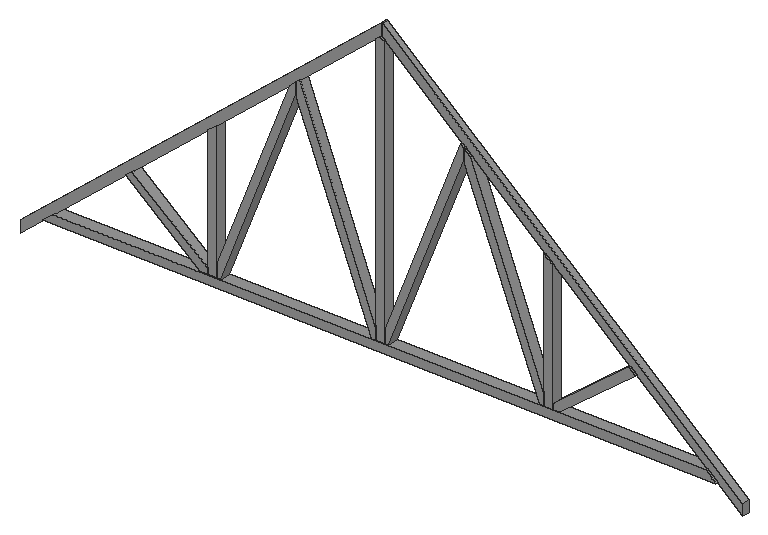
Revit family "TripleFanTruss", category Structural Framing, Revit 2020
Family settings
  Section Shape = Not Defined
  Material for Model Behavior = Wood
  Always export as geometry = No
  OmniClass Number = 23.25.30.21.14
  OmniClass Title = Trussed Beams and Joists
  Work Plane-Based = No
  Always vertical = Yes
  Cut with Voids When Loaded = No
  Symbolic Representation = From Family
  Shared = No
  Show family pre-cut in plan views = Yes
Parameters
  WebWidth [instance] = 120 mm
  WebDepth [instance] = 100 mm
  T_Volume [instance] = 0.00 m³
  TopWidth [instance] = 80 mm
  Structural Material [instance] = Poche
  SpanRight [instance] = 4000 mm
  SpanLeft [instance] = 4000 mm
  Span [instance] = SpanLeft + SpanRight  # 8000 mm
  SlopeRight [instance] = 40.00°
  SlopeLeft [instance] = 40.00°
  OverhangRight [instance] = 300 mm
  OverhangLeft [instance] = 300 mm
  TopDepth [instance] = 100 mm
  BottomWidth [instance] = 150 mm
  BottomDepth [instance] = 100 mm
Reference planes
  plane 1 "Center (Front/Back)": y = 0
  plane 2: z = 0
  plane 3 "Center (Left/Right)": x = 0
  plane 4: x = -4000
  plane 5: x = 4000
  plane 6: x = 4300
  plane 7: x = -4300
  plane 8: z = 100
  plane 9: x = 50
  plane 10: x = -50
  plane 11: x = -1000
  plane 12: x = -3000
  plane 13: x = -2000
  plane 14: x = 1000
  plane 15: x = 3000
  plane 16: x = 2000
  plane 17: x = -1950
  plane 18: x = -2050
  plane 19: x = 2050
  plane 20: x = 1950
Forms (mm)
  Extrusion 1, solid, material "Cherry"
    sketch origin (0, 0, 0) x (1, 0, 0) y (0, 0, 1)
      loop
        line (50, 236.699) -> (50, 100) -> (103.723, 100) -> (1000, 2380.6) -> (1000, 2517.299) -> (959.6, 2551.199) -> (50, 236.699)
    from -60 to 60
  Extrusion 2, solid, material "Cherry"
    sketch origin (0, 0, 0) x (1, 0, 0) y (0, 0, 1)
      loop
        line (-103.723, 100) -> (-50, 100) -> (-50, 236.699) -> (-959.6, 2551.199) -> (-1000, 2517.299) -> (-1000, 2380.6) -> (-103.723, 100)
    from -60 to 60
  Extrusion 3, solid, material "Cherry"
    sketch origin (0, 0, 0) x (1, 0, 0) y (0, 0, 1)
      loop
        line (1896.277, 100) -> (1950, 100) -> (1950, 236.699) -> (1080.155, 2450.041) -> (1000, 2517.299) -> (1000, 2380.6) -> (1896.277, 100)
    from -60 to 60
  Extrusion 4, solid, material "Cherry"
    sketch origin (0, 0, 0) x (1, 0, 0) y (0, 0, 1)
      loop
        line (-1950, 236.699) -> (-1950, 100) -> (-1896.277, 100) -> (-1000, 2380.6) -> (-1000, 2517.299) -> (-1080.155, 2450.041) -> (-1950, 236.699)
    from -60 to 60
  Extrusion 5, solid, material "Cherry"
    sketch origin (0, 0, 0) x (1, 0, 0) y (0, 0, 1)
      loop
        line (-2130.378, 100) -> (-2050, 100) -> (-2050, 163.859) -> (-2951.321, 879.946) -> (-3029.504, 814.343) -> (-2130.378, 100)
    from -60 to 60
  Extrusion 6, solid, material "Cherry"
    sketch origin (0, 0, 0) x (1, 0, 0) y (0, 0, 1)
      loop
        line (2050, 163.35) -> (2050, 100) -> (2131.427, 100) -> (3039.175, 806.228) -> (2960.825, 871.971) -> (2050, 163.35)
    from -60 to 60
  Extrusion 7, solid, material "Cherry"
    sketch origin (0, 0, 0) x (1, 0, 0) y (0, 0, 1)
      loop
        line (1950, 1720.154) -> (1950, 100) -> (2050, 100) -> (2050, 1636.244) -> (1950, 1720.154)
    from -60 to 60
  Extrusion 8, solid, material "Cherry"
    sketch origin (0, 0, 0) x (1, 0, 0) y (0, 0, 1)
      loop
        line (-2050, 1636.244) -> (-2050, 100) -> (-1950, 100) -> (-1950, 1720.154) -> (-2050, 1636.244)
    from -60 to 60
  Extrusion 9, solid, material "Cherry"
    sketch origin (0, 0, 0) x (1, 0, 0) y (0, 0, 1)
      loop
        line (-50, 3314.444) -> (-50, 100) -> (50, 100) -> (50, 3314.444) -> (0, 3356.399) -> (-50, 3314.444)
    from -60 to 60
  Extrusion 10, solid, material "Cherry"
    sketch origin (0, 0, 0) x (1, 0, 0) y (0, 0, 1)
      loop
        line (4000, 0) -> (3880.825, 100) -> (-3880.825, 100) -> (-4000, 0) -> (4000, 0)
    from -75 to 75
  Extrusion 11, solid, material "Cherry"
    sketch origin (0, 0, 0) x (1, 0, 0) y (0, 0, 1)
      loop
        line (4300, -251.73) -> (4300, -121.189) -> (0, 3486.939) -> (0, 3356.399) -> (4300, -251.73)
    from -40 to 40
  Extrusion 12, solid, material "Cherry"
    sketch origin (0, 0, 0) x (1, 0, 0) y (0, 0, 1)
      loop
        line (-4300, -251.73) -> (0, 3356.399) -> (0, 3486.939) -> (-4300, -121.189) -> (-4300, -251.73)
    from -40 to 40
Lines and regions (mm)
  reference lines
    curve 1: line (4000, 0, 0) -> (0, 0, 3356.399)
    curve 2: line (-4000, 0, 0) -> (0, 0, 3356.399)
    curve 3: line (4001.738, 0, 129.083) -> (-8.024, 0, 3493.672)
    curve 4: line (-3996.012, 0, 133.887) -> (-84.65, 0, 3415.91)
    curve 5: line (0, 40, 1939.254) -> (0, 40, -520.746)
    curve 6: line (0, -40, 1939.254) -> (0, -40, -520.746)
    curve 7: line (0, -60, 1939.254) -> (0, -60, -520.746)
    curve 8: line (0, -75, 1939.254) -> (0, -75, -520.746)
    curve 9: line (0, 60, 1939.254) -> (0, 60, -520.746)
    curve 10: line (0, 75, 1939.254) -> (0, 75, -520.746)
    curve 11: line (-2050, 0, 100) -> (-2990.412, 0, 847.145)
    curve 12: line (-1950, 0, 100) -> (-1000, 0, 2517.299)
    curve 13: line (-50, 0, 100) -> (-1000, 0, 2517.299)
    curve 14: line (50, 0, 100) -> (1000, 0, 2517.299)
    curve 15: line (1950, 0, 100) -> (1000, 0, 2517.299)
    curve 16: line (1910.156, 0, 64.685) -> (906.443, 0, 2618.658)
    curve 17: line (1999.352, 0, 111.122) -> (1093.557, 0, 2415.94)
    curve 18: line (6.443, 0, 125.867) -> (906.443, 0, 2415.94)
    curve 19: line (89.844, 0, 64.685) -> (1093.557, 0, 2618.658)
    curve 20: line (-6.443, 0, 125.867) -> (-906.443, 0, 2415.94)
    curve 21: line (-89.844, 0, 64.685) -> (-1093.557, 0, 2618.658)
    curve 22: line (-1993.557, 0, 125.867) -> (-1093.557, 0, 2415.94)
    curve 23: line (-1910.156, 0, 64.685) -> (-906.443, 0, 2618.658)
    curve 24: line (-2035.721, 0, 152.515) -> (-2926.134, 0, 859.935)
    curve 25: line (-2003.093, 0, -1.126) -> (-3054.691, 0, 834.354)
    curve 26: line (2050, 0, 100) -> (3000, 0, 839.1)
    curve 27: line (1995.492, 0, 120.943) -> (2960.825, 0, 871.971)
    curve 28: line (2048.937, 0, 35.823) -> (3039.175, 0, 806.228)
Dimensions and locks
  "SpanLeft": plane 3 "Center (Left/Right)" to plane 5
  "SpanRight": plane 3 "Center (Left/Right)" to plane 4
  "OverhangLeft": plane 5 to plane 6
  "OverhangRight": plane 7 to plane 4
  "BottomDepth": level to plane 8
  "TopDepth": curve 1 to curve 3
  "TopDepth": curve 4 to curve 2
  equal spacing: curve 5, curve 4, curve 6
  "TopWidth": curve 5 to curve 6
  equal spacing: curve 9, curve 4, curve 7
  "WebWidth": curve 9 to curve 7
  equal spacing: curve 10, curve 4, curve 8
  "BottomWidth": curve 10 to curve 8
  plane 5 to plane 3 "Center (Left/Right)" = 4000 mm
  plane 4 to plane 3 "Center (Left/Right)" = 4000 mm
  equal spacing: plane 3 "Center (Left/Right)", plane 11, plane 13, plane 12, plane 4
  equal spacing: plane 3 "Center (Left/Right)", plane 14, plane 16, plane 15, plane 5
  equal spacing: plane 10, plane 3 "Center (Left/Right)", plane 9
  equal spacing: plane 18, plane 13, plane 17
  equal spacing: plane 20, plane 16, plane 19
  "WebDepth": plane 20 to plane 19
  "WebDepth": plane 10 to plane 9
  "WebDepth": plane 18 to plane 17
  equal spacing: curve 16, curve 15, curve 17
  "WebDepth": curve 16 to curve 17
  equal spacing: curve 18, curve 14, curve 19
  "WebDepth": curve 18 to curve 19
  equal spacing: curve 21, curve 13, curve 20
  "WebDepth": curve 21 to curve 20
  equal spacing: curve 22, curve 12, curve 23
  "WebDepth": curve 22 to curve 23
  equal spacing: curve 25, curve 11, curve 24
  "WebDepth": curve 25 to curve 24
  equal spacing: curve 27, curve 26, curve 28
  "WebDepth": curve 27 to curve 28
  "SlopeLeft": angle level to curve 1
  "SlopeRight": angle curve 2 to level
  aligned and locked: plane 2 to level
  aligned and locked: plane 3 "Center (Left/Right)" to curve 2
  aligned and locked: level to curve 2
  aligned and locked: plane 4 to curve 2
  aligned and locked: curve 1 to level
  aligned and locked: curve 18 to Extrusion 1 sketch curve
  aligned and locked: curve 19 to Extrusion 1 sketch curve
  aligned and locked: Extrusion 1 sketch curve to plane 14
  aligned and locked: curve 1 to Extrusion 1 sketch curve
  aligned and locked: plane 9 to Extrusion 1 sketch curve
  aligned and locked: plane 8 to Extrusion 1 sketch curve
  aligned and locked: curve 21 to Extrusion 2 sketch curve
  aligned and locked: curve 20 to Extrusion 2 sketch curve
  aligned and locked: Extrusion 2 sketch curve to plane 10
  aligned and locked: plane 8 to Extrusion 2 sketch curve
  aligned and locked: plane 11 to Extrusion 2 sketch curve
  aligned and locked: curve 2 to Extrusion 2 sketch curve
  aligned and locked: curve 16 to Extrusion 3 sketch curve
  aligned and locked: curve 17 to Extrusion 3 sketch curve
  aligned and locked: Extrusion 3 sketch curve to plane 20
  aligned and locked: plane 8 to Extrusion 3 sketch curve
  aligned and locked: Extrusion 3 sketch curve to plane 14
  aligned and locked: curve 1 to Extrusion 3 sketch curve
  aligned and locked: curve 22 to Extrusion 4 sketch curve
  aligned and locked: curve 23 to Extrusion 4 sketch curve
  aligned and locked: curve 2 to Extrusion 4 sketch curve
  aligned and locked: plane 11 to Extrusion 4 sketch curve
  aligned and locked: plane 17 to Extrusion 4 sketch curve
  aligned and locked: plane 8 to Extrusion 4 sketch curve
  aligned and locked: curve 25 to Extrusion 5 sketch curve
  aligned and locked: curve 24 to Extrusion 5 sketch curve
  aligned and locked: Extrusion 5 sketch curve to plane 18
  aligned and locked: plane 8 to Extrusion 5 sketch curve
  aligned and locked: curve 2 to Extrusion 5 sketch curve
  aligned and locked: curve 27 to Extrusion 6 sketch curve
  aligned and locked: curve 28 to Extrusion 6 sketch curve
  aligned and locked: curve 1 to Extrusion 6 sketch curve
  aligned and locked: plane 19 to Extrusion 6 sketch curve
  aligned and locked: plane 8 to Extrusion 6 sketch curve
  aligned and locked: Extrusion 7 sketch curve to plane 20
  aligned and locked: plane 19 to Extrusion 7 sketch curve
  aligned and locked: curve 1 to Extrusion 7 sketch curve
  aligned and locked: plane 8 to Extrusion 7 sketch curve
  aligned and locked: Extrusion 8 sketch curve to plane 18
  aligned and locked: plane 17 to Extrusion 8 sketch curve
  aligned and locked: curve 2 to Extrusion 8 sketch curve
  aligned and locked: plane 8 to Extrusion 8 sketch curve
  aligned and locked: Extrusion 9 sketch curve to plane 10
  aligned and locked: plane 9 to Extrusion 9 sketch curve
  aligned and locked: curve 2 to Extrusion 9 sketch curve
  aligned and locked: curve 1 to Extrusion 9 sketch curve
  aligned and locked: plane 8 to Extrusion 9 sketch curve
  aligned and locked: curve 9 to Extrusion 5
  aligned and locked: Extrusion 5 to curve 7
  aligned and locked: curve 9 to Extrusion 8
  aligned and locked: Extrusion 8 to curve 7
  aligned and locked: Extrusion 4 to curve 9
  aligned and locked: Extrusion 4 to curve 7
  aligned and locked: Extrusion 2 to curve 9
  aligned and locked: Extrusion 2 to curve 7
  aligned and locked: Extrusion 9 to Extrusion 2  (x2)
  aligned and locked: curve 9 to Extrusion 7
  aligned and locked: Extrusion 7 to curve 7
  aligned and locked: Extrusion 1 to curve 9
  aligned and locked: Extrusion 1 to curve 7
  aligned and locked: Extrusion 3 to curve 9
  aligned and locked: Extrusion 3 to curve 7
  aligned and locked: curve 9 to Extrusion 6
  aligned and locked: Extrusion 6 to curve 7
  aligned and locked: Extrusion 10 sketch curve to level
  aligned and locked: plane 8 to Extrusion 10 sketch curve
  aligned and locked: Extrusion 10 sketch curve to curve 1
  aligned and locked: Extrusion 10 sketch curve to curve 2
  aligned and locked: curve 10 to Extrusion 10
  aligned and locked: Extrusion 10 to curve 8
  aligned and locked: Extrusion 11 sketch curve to curve 1
  aligned and locked: Extrusion 11 sketch curve to curve 3
  aligned and locked: Extrusion 11 sketch curve to plane 6
  aligned and locked: Extrusion 11 sketch curve to plane 3 "Center (Left/Right)"
  aligned and locked: Extrusion 12 sketch curve to curve 2
  aligned and locked: Extrusion 12 sketch curve to curve 4
  aligned and locked: Extrusion 12 sketch curve to plane 3 "Center (Left/Right)"
  aligned and locked: plane 7 to Extrusion 12 sketch curve
  aligned and locked: Extrusion 12 to curve 5
  aligned and locked: Extrusion 12 to curve 6
  aligned and locked: Extrusion 11 to curve 5
  aligned and locked: Extrusion 11 to curve 6
Automatic sketch dimensions
  curve 11 to plane 8 = 0 mm
  curve 11 to plane 18 = 0 mm
  curve 12 to plane 8 = 0 mm
  plane 17 to curve 12 = 0 mm
  plane 11 to curve 13 = 0 mm
  curve 13 to plane 8 = 0 mm
  curve 13 to plane 10 = 0 mm
  curve 14 to plane 8 = 0 mm
  plane 9 to curve 14 = 0 mm
  curve 14 to plane 14 = 0 mm
  curve 15 to plane 8 = 0 mm
  curve 15 to plane 20 = 0 mm
  curve 26 to plane 8 = 0 mm
  plane 19 to curve 26 = 0 mm
  curve 26 to plane 15 = 0 mm
  curve 4 to plane 4 = 3.988 mm
  plane 12 to curve 25 = 54.691 mm
  curve 11 to plane 12 = 9.588 mm
  curve 24 to plane 12 = 73.866 mm
  plane 18 to curve 24 = 14.279 mm
  curve 22 to plane 13 = 6.443 mm
  curve 23 to plane 8 = 35.315 mm
  curve 25 to level = 1.126 mm
  plane 11 to curve 22 = 93.557 mm
  curve 21 to curve 22 = 0 mm
  curve 20 to plane 11 = 93.557 mm
  curve 23 to curve 20 = 0 mm
  curve 21 to plane 8 = 35.315 mm
  curve 4 to plane 10 = 34.65 mm
  curve 3 to plane 3 "Center (Left/Right)" = 8.024 mm
  curve 20 to plane 3 "Center (Left/Right)" = 6.443 mm
  plane 3 "Center (Left/Right)" to curve 18 = 6.443 mm
  curve 19 to plane 8 = 35.315 mm
  curve 16 to plane 14 = 93.557 mm
  curve 16 to curve 18 = 0 mm
  plane 14 to curve 19 = 93.557 mm
  curve 19 to curve 17 = 0 mm
  curve 16 to plane 8 = 35.315 mm
  curve 17 to plane 16 = 0.648 mm
  plane 19 to curve 28 = 1.063 mm
  curve 3 to plane 5 = 1.738 mm
  curve 10 to level = 520.746 mm
  curve 5 to curve 10 = 0 mm
  curve 8 to curve 5 = 0 mm
  curve 8 to curve 6 = 0 mm  (x2)
  curve 8 to curve 7 = 0 mm  (x2)
  curve 9 to curve 10 = 0 mm  (x2)
  plane 8 to curve 6 = 1839.254 mm
  curve 6 to curve 9 = 0 mm
  curve 5 to curve 9 = 0 mm
